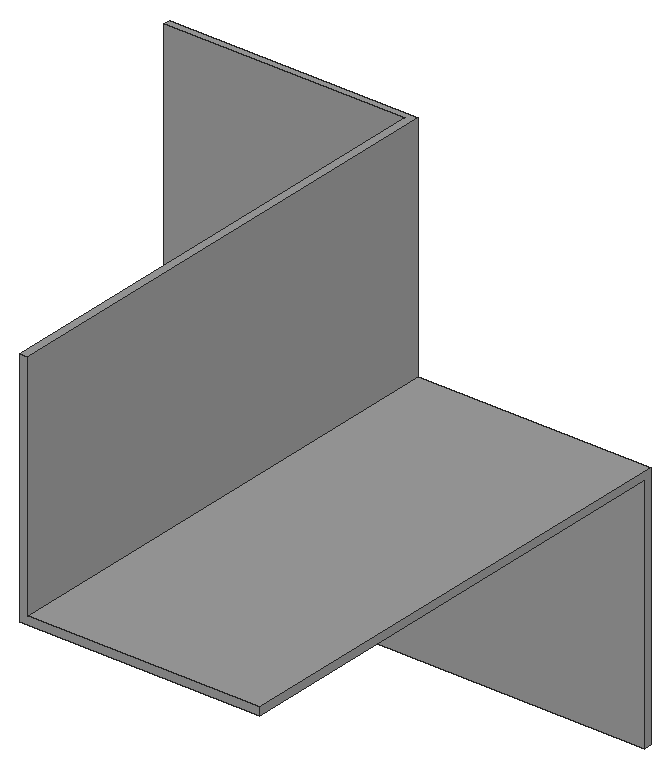
Revit family "Flashing_Preformed_Hyload_Type-W2", category Generic Models, Revit 2015
Parameters (values of type "As Specified")
  Unit Width = 0' - 7 1/8"
  Unit Height = 0' - 2"
  Unit Depth = 0' - 4"
  URL = "http://www.hyload.com/"
  Thickness = 0' - 0 1/16"
  Specification = "http://www.arcat.com/sdspecs/htm04/07_65_00hyl.htm"
  Sales Information = "http://www.hyload.com/contact-us"
  Revision = "R1_12-2015"
  Product Properties = "http://www.hyload.com/masonry-flashing/preformed-shapes/"
  Product Data = "http://www.arcat.com/arcatcos/cos33/arc33176.html"
  Model = "Type W2"
  Manufacturer Website = "http://www.hyload.com/"
  Manufacturer Phone - Toll Free = "800-457-4056"
  Manufacturer Phone = "330-769-3546"
  Manufacturer Fax = "330-769-4153"
  Manufacturer Address = "5020 Panther Pkwy., Seville, OH 44273"
  Manufacturer = "Hyload"
  Keynote = "07 65 00"
  Flashing Material = Hyload Flashing Membrane - Grey
  Drawn By = "Robert S. Weygant / Sumex Design"
  Description = "Preformed Hyload Masonry Flashing - Type W2"
  Copyright = "(c) ARCAT, Inc, 2015"
  Construction Details = "http://www.arcat.com/details/hyload/hyload.html?coid=33176"
  Assembly Code = "B3010400"
Reference planes (in)
  plane 1 "Center (Front/Back)": y = 0
  plane 2: z = 0
  plane 3 "Center (Left/Right)": x = 0
  plane 4: x = 2
  plane 5: z = 2
  plane 6: y = -4
  plane 7: z = 4
Forms (in)
  Sweep 1, solid, material "Hyload Flashing Membrane - Grey" <- "Flashing Material"
    path origin (0, 0, 0) x (1, 0, 0) y (0, 0, 1)
      loop
        line (2, 2) -> (0, 2) -> (0, 4)
    profile origin (1, 0, 2) x (0, 0, -1) y (0, -1, 0)
      loop
        line (0, 0) -> (0, 4) -> (-0.0625, 4) -> (-0.0625, -0.0625) -> (2, -0.0625) -> (2, 0) -> (0, 0)
Dimensions and locks (in)
  "Unit Height": plane 5 to level
  "Unit Depth": plane 1 "Center (Front/Back)" to plane 6
  plane 7 to level = 0' - 4"
  plane 4 to plane 3 "Center (Left/Right)" = 0' - 2"
  "Thickness": Sweep 1 sketch curve to plane 1 "Center (Front/Back)"
  "Thickness": Sweep 1 sketch curve to plane 5
  aligned and locked: plane 2 to level
  aligned and locked: plane 3 "Center (Left/Right)" to Sweep 1 sketch curve
  aligned and locked: plane 5 to Sweep 1 sketch curve  (x2)
  aligned and locked: Sweep 1 sketch curve to plane 6
  aligned and locked: Sweep 1 sketch curve to level
  aligned and locked: plane 7 to Sweep 1 sketch curve
  aligned and locked: Sweep 1 sketch curve to plane 1 "Center (Front/Back)"
Automatic sketch dimensions
  Sweep 1 sketch curve to plane 4 = 0' - 0"
